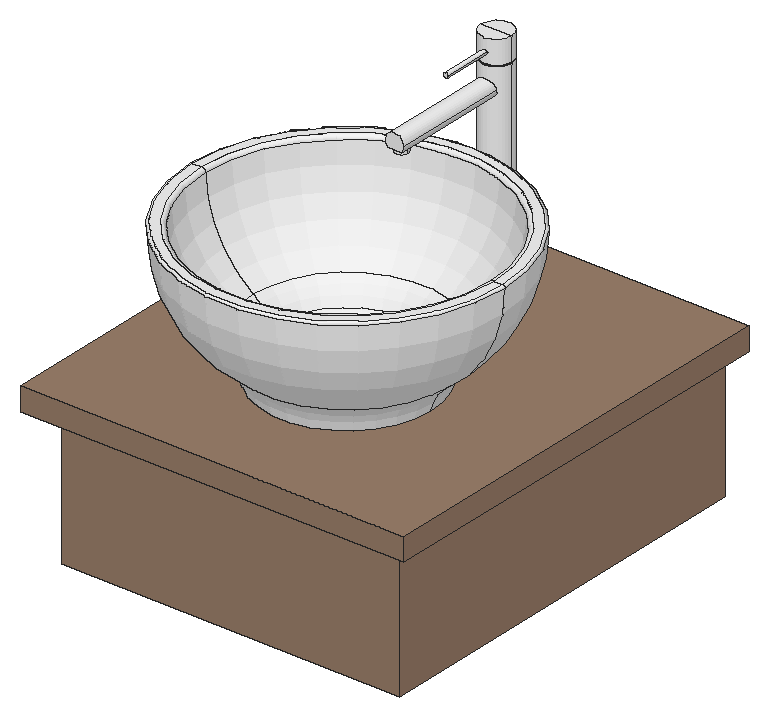
Revit family "SINK2", category Plumbing Fixtures, Revit 2023
Family settings
  Round Connector Dimension = Use Diameter
  Part Type = Normal
  Work Plane-Based = No
  Enable Cutting in Views = No
  Always vertical = Yes
  Cut with Voids When Loaded = No
  Maintain Annotation Orientation = No
  Shared = No
  Room Calculation Point = No
Parameters (values of type "500x560x210mm_Shelf")
  Vis - Shelf Plinth = yes
  Tap Height = 300 mm
  Shelf Thickness = 30 mm
  Shelf Length = 500 mm
  Shelf Depth = 560 mm
  Material Taps and Fittings = Metal - Chrome Polished
  Material Sink = Porcelain
  Material Shelf = Wood - Walnut, Natural
  Manufacturer = "Revit"
  Keynote = "N13/180"
  Default Elevation = 0 mm
  Assembly Code = ""
Reference planes
  plane 1 "Center (Front/Back)": y = 0
  plane 2: z = 0
  plane 3 "Center (Left/Right)": x = 24.85
  plane 4: x = -225.15
  plane 5: x = 274.85
  plane 6: y = -560
  plane 7: y = -340
Forms (mm)
  Extrusion 1, solid, material "Wood - Walnut, Natural" <- "Material Shelf"
    sketch origin (0, 0, 0) x (1, 0, 0) y (0, 1, 0)
      loop
        line (-225.15, 0) -> (-225.15, -560) -> (274.85, -560) -> (274.85, 0) -> (-225.15, 0)
    from 0 to -30
  Revolve 2, solid, material "Porcelain" <- "Material Sink"
    sketch origin (-373.715, -340, 4000) x (-1, 0, 0) y (0, 0, 1)
      loop
        line (-381.565, -3999.985) -> (-290.071, -3999.985)
        arc (-290.071, -3999.985) -> (-280.471, -3978.189) -> (-263.923, -3961.06) r 67.768
        arc (-263.923, -3961.06) -> (-212.086, -3900.534) -> (-193.526, -3823.036) r 170.005
        arc (-193.526, -3823.036) -> (-194.406, -3820.918) -> (-196.526, -3820.041) r 3
        line (-196.526, -3820.041) -> (-208.574, -3820.041)
        arc (-208.574, -3820.041) -> (-212.09, -3821.486) -> (-213.574, -3824.987) r 5
        arc (-213.574, -3824.987) -> (-230.354, -3892.325) -> (-275.654, -3944.9) r 149.971
        arc (-275.654, -3944.9) -> (-289.49, -3957.34) -> (-300.392, -3972.418) r 87.751
        arc (-300.392, -3972.418) -> (-309.549, -3981.627) -> (-322.09, -3985) r 25
        line (-322.09, -3985) -> (-376.565, -3985) -> (-376.565, -3986.535) -> (-381.565, -3986.535) -> (-381.565, -3999.985)
      axis (-398.565, -3999.985) -> (-398.565, -3820.041)
    angle from 0 to 360
  Revolve 3, solid, material "Metal - Chrome Polished" <- "Material Taps and Fittings"
    sketch origin (-373.715, -340, 4000) x (-1, 0, 0) y (0, 0, 1)
      loop
        line (-384.827, -3985) -> (-384.827, -3996.275) -> (-398.565, -3996.275) -> (-398.565, -4000) -> (-381.565, -4000) -> (-381.565, -3986.535) -> (-376.565, -3986.535) -> (-376.565, -3985) -> (-384.827, -3985)
      axis (-398.565, -4000) -> (-398.565, -3985)
    angle from 0 to 360
  Extrusion 4, solid, material "Wood - Walnut, Natural" <- "Material Shelf", visible <- "Vis - Shelf Plinth"
    sketch origin (0, 0, 0) x (1, 0, 0) y (0, 1, 0)
      loop
        line (-195.15, 0) -> (-195.15, -530) -> (244.85, -530) -> (244.85, 0) -> (-195.15, 0)
    from -30 to -210.149
Lines and regions (mm)
  Masking region 1
    outline origin (0, 0, 0) x (1, 0, 0) y (0, 1, 0)
      loop
        line (-225.15, 0) -> (-225.15, -560) -> (274.85, -560) -> (274.85, 0) -> (-225.15, 0)
  symbolic lines
    curve 1: arc (12.286, -135.385, 0) -> (25.287, -545, 0) -> (36.542, -135.334, 0) r 205
    curve 2: circle (24.85, -340, 0) r 13.738 normal (0, 0, 1)
    curve 3: arc (12.479, -155.414, 0) -> (24.931, -525, 0) -> (37.059, -155.403, 0) r 185
    curve 4: arc (-0.15, -97.303, 0) -> (24.85, -72.303, 0) -> (49.85, -97.303, 0) r 25
    curve 5: arc (49.85, -97.303, 0) -> (24.85, -122.303, 0) -> (-0.15, -97.303, 0) r 25
    curve 6: line (12.85, -263.012, 0) -> (36.85, -263.012, 0)
    curve 7: line (12.85, -263.012, 0) -> (12.85, -119.235, 0)
    curve 8: line (36.85, -263.012, 0) -> (36.85, -119.235, 0)
    curve 9: line (-225.15, 0, 0) -> (-225.15, -560, 0)
    curve 10: line (-225.15, -560, 0) -> (274.85, -560, 0)
    curve 11: line (274.85, -560, 0) -> (274.85, 0, 0)
    curve 12: line (274.85, 0, 0) -> (-225.15, 0, 0)
Dimensions and locks
  equal spacing: plane 4, plane 3 "Center (Left/Right)", plane 5
  "Shelf Length": plane 4 to plane 5
  "Shelf Depth": plane 6 to plane 1 "Center (Front/Back)"
  "Shelf Thickness": level to Extrusion 1
  plane 4 to Extrusion 4 sketch curve = 30 mm
  Extrusion 4 sketch curve to plane 5 = 30 mm
  plane 6 to Extrusion 4 sketch curve = 30 mm
  aligned and locked: plane 3 "Center (Left/Right)" to nested 1
  aligned and locked: plane 1 "Center (Front/Back)" to Extrusion 4 sketch curve
  aligned and locked: Masking region 1 sketch curve to Extrusion 1  (x4)
  aligned and locked: curve 4 to nested 1
  aligned and locked: curve 5 to nested 1
  aligned and locked: curve 6 to nested 1
  aligned and locked: curve 9 to Masking region 1
  aligned and locked: curve 10 to Masking region 1
  aligned and locked: curve 11 to Masking region 1
  aligned and locked: curve 12 to Masking region 1
Automatic sketch dimensions
  Extrusion 1 sketch curve to plane 4 = 0 mm
  Extrusion 1 sketch curve to plane 5 = 0 mm
  Extrusion 1 sketch curve to plane 6 = 0 mm
  Extrusion 1 sketch curve to plane 1 "Center (Front/Back)" = 0 mm
  Revolve 3 sketch curve to level = 0 mm
  Revolve 3 sketch curve to plane 3 "Center (Left/Right)" = 0 mm  (x2)
  level to Revolve 3 sketch curve = 3.725 mm
  Revolve 3 sketch curve to Revolve 3 sketch curve = 13.738 mm
  Revolve 3 sketch curve to Revolve 3 sketch curve = 3.262 mm
  Revolve 3 sketch curve to Revolve 3 sketch curve = 5 mm
  Revolve 3 sketch curve to level = 6.992 mm
  Revolve 3 sketch curve to Revolve 3 sketch curve = 9.74 mm
  Revolve 3 sketch curve to Revolve 3 sketch curve = 1.535 mm
  Revolve 3 sketch curve to Revolve 3 sketch curve = 12.012 mm
  Revolve 2 sketch curve to plane 3 "Center (Left/Right)" = 0 mm
  level to Revolve 2 sketch curve = 0.015 mm
  Revolve 2 sketch curve to plane 3 "Center (Left/Right)" = 17 mm
  Revolve 2 sketch curve to Revolve 2 sketch curve = 5 mm  (x2)
  Revolve 2 sketch curve to plane 3 "Center (Left/Right)" = 35.03 mm
  Revolve 2 sketch curve to Revolve 2 sketch curve = 0.006 mm
  Revolve 2 sketch curve to Revolve 2 sketch curve = 54.475 mm
  Revolve 2 sketch curve to Revolve 2 sketch curve = 21.698 mm
  Revolve 2 sketch curve to Revolve 2 sketch curve = 0 mm  (x5)
  Revolve 2 sketch curve to Revolve 2 sketch curve = 10.321 mm
  Revolve 2 sketch curve to Revolve 2 sketch curve = 24.738 mm
  Revolve 2 sketch curve to Revolve 2 sketch curve = 11.731 mm
  Revolve 2 sketch curve to level = 16.005 mm
  Revolve 2 sketch curve to Revolve 2 sketch curve = 65.838 mm
  Revolve 2 sketch curve to Revolve 2 sketch curve = 0.016 mm
  Revolve 2 sketch curve to Revolve 2 sketch curve = 62.08 mm
  Revolve 2 sketch curve to Revolve 2 sketch curve = 12.048 mm
  Revolve 2 sketch curve to Revolve 2 sketch curve = 3 mm
  Revolve 2 sketch curve to level = 50 mm
  Revolve 2 sketch curve to Revolve 2 sketch curve = 0.028 mm
  Revolve 2 sketch curve to Revolve 2 sketch curve = 1.535 mm
  Revolve 2 sketch curve to Revolve 2 sketch curve = 41.535 mm
  curve 1 to curve 2 = 0 mm  (x2)
  curve 1 to curve 3 = 0 mm  (x2)
  curve 2 to plane 3 "Center (Left/Right)" = 0 mm
  curve 3 to plane 7 = 0 mm
  curve 1 to plane 3 "Center (Left/Right)" = 12.564 mm
  curve 3 to plane 3 "Center (Left/Right)" = 12.371 mm
  curve 7 to plane 3 "Center (Left/Right)" = 12 mm
  plane 3 "Center (Left/Right)" to curve 1 = 11.692 mm
  plane 3 "Center (Left/Right)" to curve 6 = 12 mm
  plane 3 "Center (Left/Right)" to curve 3 = 12.209 mm
  curve 3 to curve 7 = 36.179 mm
  curve 1 to curve 8 = 16.099 mm
  curve 9 to plane 1 "Center (Front/Back)" = 0 mm
  curve 9 to plane 4 = 0 mm
  curve 11 to plane 5 = 0 mm
  curve 11 to plane 6 = 0 mm
  radius of curve 2 = 13.738 mm
Nested families
  nested 1: "UK_Mdrn Tap Style C" at (24.85, -97.303, 0), type "UK_Mdrn Tap Style C"
Definition of nested family "UK_Mdrn Tap Style C"
  Parameters
    Tap Height = 300 mm
    Material Tap = none
    Manufacturer = "Revit"
    Default Elevation = 0 mm
  Reference planes
    plane 1 "Center (Front/Back)": y = 0
    plane 2: z = 0
    plane 3 "Center (Left/Right)": x = 0
  Forms (mm)
    Revolve 1, solid, material <- "Material Tap"
      sketch origin (0, 0, 0) x (1, 0, 0) y (0, 0, 1)
        loop
          line (0, 0) -> (0, 300) -> (-20, 300) -> (-20, 270) -> (-18, 270) -> (-18, 268) -> (-20, 268) -> (-20, 4) -> (-25, 4) -> (-25, 0) -> (0, 0)
        axis (0, 0) -> (0, 300)
      angle from 0 to 360
    Extrusion 2, solid, material <- "Material Tap"
      sketch origin (0, 0, 0) x (1, 0, 0) y (0, 0, 1)
        loop
          circle (0, 283.268) r 3
      from 0 to 82.043
    Extrusion 3, solid, material <- "Material Tap"
      sketch origin (0, 0, 0) x (1, 0, 0) y (0, 0, 1)
        loop
          circle (0, 240.642) r 12
      from 0 to 165.708
    Extrusion 4, void
      sketch origin (0, 0, -1.47) x (0, -1, 0) y (0, 0, 1)
        loop
          line (165.708, 229.642) -> (165.708, 234.642) -> (140.708, 234.642) -> (140.708, 229.642) -> (165.708, 229.642)
      from -15.058 to 15.415
    Extrusion 5, solid, material <- "Material Tap"
      sketch origin (0, 0, 0) x (1, 0, 0) y (0, 1, 0)
        loop
          circle (0, -154.43) r 8
      from 227.072 to 233.172
  Cuts and joins
    Extrusion 4 cuts Revolve 1
    joined: Revolve 1, Extrusion 5
    Extrusion 4 cuts Extrusion 2
    Extrusion 4 cuts Extrusion 3
  Dimensions and locks
    "Tap Height": Revolve 1 sketch curve to level
    locked: Extrusion 4 sketch curve to Extrusion 4 sketch curve at 5
    locked: cut or joined group of Revolve 1, Extrusion 4, Extrusion 5 to Extrusion 5 at 6.1
    locked: cut or joined group of Revolve 1, Extrusion 4, Extrusion 5 to Extrusion 2 sketch curve at 16.732
    locked: cut or joined group of Revolve 1, Extrusion 4, Extrusion 5 to Extrusion 3 sketch curve at 59.358
    locked: cut or joined group of Revolve 1, Extrusion 4, Extrusion 5 to cut or joined group of Extrusion 3, Extrusion 4 at 66.828
    aligned and locked: Extrusion 2 to plane 1 "Center (Front/Back)"
    aligned and locked: Extrusion 3 to plane 1 "Center (Front/Back)"
    aligned and locked: cut or joined group of Revolve 1, Extrusion 4, Extrusion 5 to Extrusion 5
  Automatic sketch dimensions
    Revolve 1 sketch curve to level = 0 mm
    Revolve 1 sketch curve to plane 3 "Center (Left/Right)" = 0 mm  (x2)
    Revolve 1 sketch curve to plane 3 "Center (Left/Right)" = 18 mm
    Revolve 1 sketch curve to Revolve 1 sketch curve = 2 mm  (x2)
    Revolve 1 sketch curve to Revolve 1 sketch curve = 0 mm
    Revolve 1 sketch curve to Revolve 1 sketch curve = 5 mm
    Revolve 1 sketch curve to level = 25 mm
    level to Revolve 1 sketch curve = 4 mm
    Revolve 1 sketch curve to Revolve 1 sketch curve = 32 mm
    Revolve 1 sketch curve to Revolve 1 sketch curve = 24 mm
    Extrusion 2 sketch curve to plane 3 "Center (Left/Right)" = 0 mm
    Extrusion 3 sketch curve to plane 3 "Center (Left/Right)" = 0 mm
    Extrusion 4 sketch curve to Extrusion 4 sketch curve = 25 mm
    Extrusion 5 sketch curve to plane 3 "Center (Left/Right)" = 0 mm
    level to Extrusion 4 sketch curve = 228.172 mm
    plane 1 "Center (Front/Back)" to Extrusion 4 sketch curve = 140.708 mm
    plane 1 "Center (Front/Back)" to Extrusion 5 sketch curve = 154.43 mm
    radius of Extrusion 2 sketch curve = 3 mm
    radius of Extrusion 3 sketch curve = 12 mm
    radius of Extrusion 5 sketch curve = 8 mm
